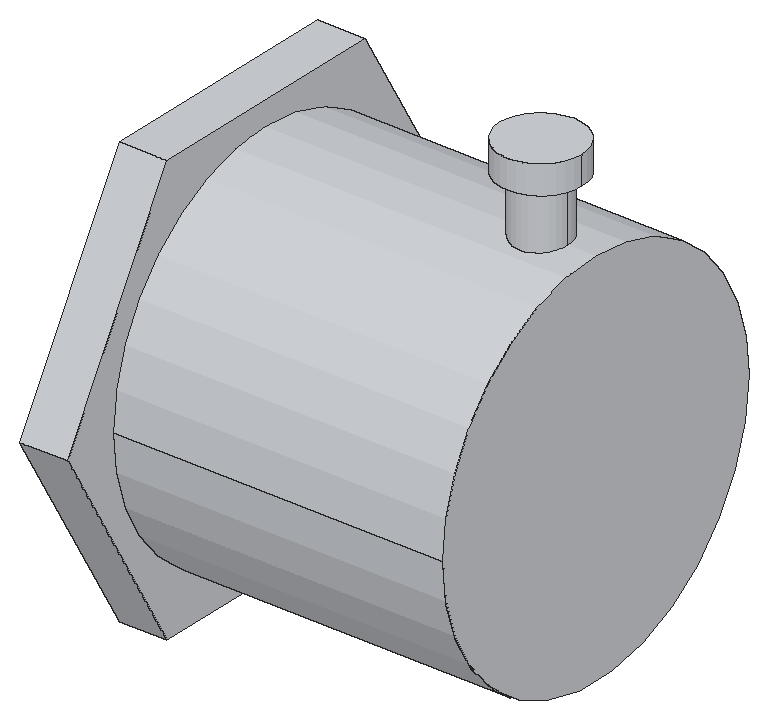
Revit family "d929ee55e7d342de93579713681a1e93", category Conduit Fittings, Revit 2021
Family settings
  Round Connector Dimension = Use Radius
  Part Type = Multi Port
  OmniClass Number = 23.80.30.17.11
  OmniClass Title = Conduits
  Work Plane-Based = No
  Always vertical = Yes
  Cut with Voids When Loaded = No
  Shared = No
Parameters (values of type "Standard")
  Thread Length [instance] = 0.2 * Length  # 0.23125"
  Radius 2 [instance] = 0.75 * Length 5  # 0.10045"
  Radius 1 [instance] = 0.5 * Length 5  # 0.06696"
  Nut Thickness [instance] = 0.1 * Length  # 0.11563"
  Nominal Radius [instance] = 1/4"
  Nominal Diameter [instance] = Nominal Radius * 2  # 1/2"
  Length 6 [instance] = 0.15 * Fitting Outside Radius  # 9/128"
  Length 5 [instance] = Fitting Outside Diameter / 7  # 0.13393"
  Length 4 [instance] = Length 2 * cos(30.00°)  # 0.52773"
  Length 3 [instance] = Length 2 * sin(30.00°)  # 39/128"
  Length 2 [instance] = 1.3 * Fitting Outside Radius  # 39/64"
  Length 1 [instance] = Length - Thread Length  # 0.925"
  Fitting Outside Radius [instance] = Fitting Outside Diameter / 2  # 15/32"
  Fitting Outside Diameter [instance] = size_lookup(Conduit Size Lookup, "FOD", 1.22 * Nominal Diameter + 1/4", Nominal Diameter)  # 15/16"
  Length [instance] = size_lookup(Conduit Size Lookup, "Lgt", 0.76 * Nominal Diameter + 241/256", Nominal Diameter)  # 1 5/32"
  Default Elevation = 0' - 0"
  Conduit Size Lookup = "Conduit Connector - Set Screw - Steel"
Reference planes (in)
  plane 1 "Center (Front/Back)": y = 0
  plane 2: z = 0
  plane 3 "Center (Left/Right)": x = 0
  plane 4: x = 0.11563
  plane 5: y = 0.60937
  plane 6: y = -0.60938
  plane 7: y = 0.30469
  plane 8: y = -0.30469
  plane 9: z = 0.52773
  plane 10: z = -0.52773
  plane 11: x = 0.925
  plane 12: x = 0.79107
  plane 13: z = 0.60937
  plane 14: z = 0.67969
Forms (in)
  Extrusion 1, solid, detail levels fine
    sketch origin (0, 0, 0) x (0, 1, 0) y (0, 0, 1)
      loop
        line (0.30469, 0.52773) -> (-0.30469, 0.52773) -> (-0.60938, 0) -> (-0.30469, -0.52773) -> (0.30469, -0.52773) -> (0.60937, 0) -> (0.30469, 0.52773)
    from 0 to 0.11563
  Sweep 2, solid, detail levels fine
    path in 3D
      loop
        line (0.11563, 0, 0) -> (0.925, 0, 0)
    profile origin (0.52031, 0, 0) x (0, 1, 0) y (0, 0, 1)
      loop
        circle (0, 0) r 0.46875
  Extrusion 3, solid, detail levels fine
    sketch origin (0, 0, 0) x (0, 1, 0) y (0, 0, 1)
      loop
        circle (0, 0) r 0.0625
    from 0 to 0.925
  Extrusion 4, solid, detail levels fine
    sketch origin (0, 0, 0) x (1, 0, 0) y (0, 1, 0)
      loop
        circle (0.79107, 0) r 0.06696
    from 0 to 0.60937
  Extrusion 5, solid, detail levels fine
    sketch origin (0, 0, 0) x (1, 0, 0) y (0, 1, 0)
      loop
        circle (0.79107, 0) r 0.10045
    from 0.60937 to 0.67969
Cuts and joins
  joined: Extrusion 1, Sweep 2, Extrusion 3, Extrusion 4, Extrusion 5
Lines and regions (in)
  model lines, detail levels coarse+medium
    curve 1: line (0.11563, 0, 0) -> (0.925, 0, 0)
    curve 3: line (0, 0, 0) -> (0.11563, 0, 0)
  sketch lines
    curve 2: line (0.11563, 0, 0) -> (0.925, 0, 0)
Dimensions and locks (in)
  "Nut Thickness": plane 3 "Center (Left/Right)" to plane 4
  "Length 2": plane 5 to plane 1 "Center (Front/Back)"
  equal spacing: plane 5, plane 1 "Center (Front/Back)", plane 6
  "Length 3": plane 7 to plane 1 "Center (Front/Back)"
  equal spacing: plane 7, plane 1 "Center (Front/Back)", plane 8
  "Length 4": plane 9 to plane 2
  equal spacing: plane 9, plane 2, plane 10
  "Length 4": Extrusion 1 sketch curve to plane 2
  "Length 4": plane 1 "Center (Front/Back)" to Extrusion 1 sketch curve
  "Length 4": Extrusion 1 sketch curve to plane 1 "Center (Front/Back)"
  "Length 1": plane 3 "Center (Left/Right)" to plane 11
  plane 12 to plane 11 = 0' - 0.13393"
  "Length 5": plane 12 to plane 11
  "Length 2": plane 13 to plane 2
  "Length 6": plane 14 to plane 13
  "Fitting Outside Radius": radius of Sweep 2 sketch curve
  radius of Extrusion 3 sketch curve = 0' - 0 1/16"
  "Radius 1": radius of Extrusion 4 sketch curve
  "Radius 2": radius of Extrusion 5 sketch curve
  aligned and locked: plane 7 to Extrusion 1 sketch curve
  aligned and locked: Extrusion 1 sketch curve to plane 9
  aligned and locked: plane 8 to Extrusion 1 sketch curve  (x2)
  aligned and locked: plane 10 to Extrusion 1 sketch curve  (x2)
  aligned and locked: plane 2 to Extrusion 1 sketch curve
  aligned and locked: plane 6 to Extrusion 1 sketch curve
  aligned and locked: plane 5 to Extrusion 1 sketch curve
  aligned and locked: Extrusion 1 to plane 3 "Center (Left/Right)"
  aligned and locked: plane 4 to Extrusion 1
  aligned and locked: plane 11 to curve 1
  aligned and locked: plane 1 "Center (Front/Back)" to curve 1
  aligned and locked: plane 1 "Center (Front/Back)" to Sweep 2 sketch curve
  aligned and locked: plane 2 to Sweep 2 sketch curve
  aligned and locked: plane 3 "Center (Left/Right)" to curve 3
  aligned and locked: plane 4 to curve 3
  aligned and locked: plane 1 "Center (Front/Back)" to curve 3
  aligned and locked: plane 1 "Center (Front/Back)" to Extrusion 3 sketch curve
  aligned and locked: plane 2 to Extrusion 3 sketch curve
  aligned and locked: Extrusion 3 to plane 3 "Center (Left/Right)"
  aligned and locked: plane 11 to Extrusion 3
  aligned and locked: plane 1 "Center (Front/Back)" to Extrusion 4 sketch curve
  aligned and locked: plane 12 to Extrusion 4 sketch curve
  aligned and locked: plane 1 "Center (Front/Back)" to Extrusion 5 sketch curve
  aligned and locked: plane 12 to Extrusion 5 sketch curve
  aligned and locked: Extrusion 5 to plane 13
  aligned and locked: plane 14 to Extrusion 5
  aligned and locked: Extrusion 4 to Extrusion 5
  aligned and locked: Extrusion 4 to plane 2
Connectors (in)
  cabletrayconduit at (0, 0, 0), diameter 0.5, driven by "Nominal Radius"
    settings: on Extrusion 3, index 1, connector width 1' - 0", connector height 1' - 0", connector angle 0.00°, system type 32, placement type 0, profile type 0, connector reference index 2, is primary connector yes, connector utility param no, connector description ""
  cabletrayconduit at (0.925, 0, 0), diameter 0.5, driven by "Nominal Radius"
    settings: on cut or joined group of Extrusion 1, Sweep 2, Extrusion 3, Extrusion 4, Extrusion 5, index 2, connector width 1' - 0", connector height 1' - 0", connector angle 0.00°, system type 32, placement type 0, profile type 0, connector reference index 1, is primary connector no, connector utility param no, connector description ""
